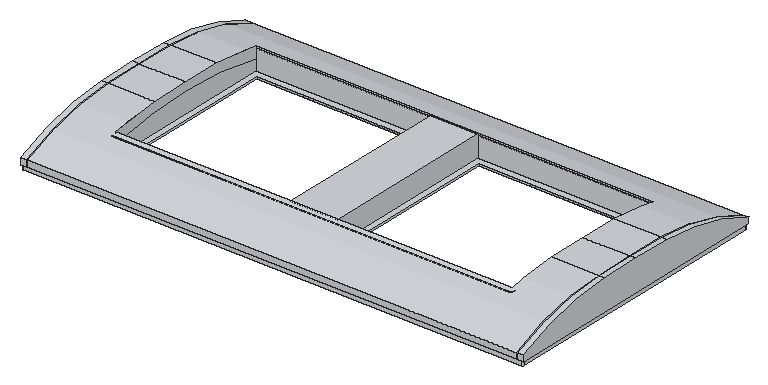
Revit family "Gira_021222", category Electrical Fixtures, host Face, Revit 2017
Family settings
  Host = Face
  Maintain Annotation Orientation = No
  Round Connector Dimension = Use Diameter
  Part Type = Normal
  Cut with Voids When Loaded = No
  Shared = No
  Room Calculation Point = No
Parameters (values of type "Cov.fr. 2-g Gira E2 p.white m")
  With mounting grid = "No"
  With hinged lid = "No"
  URL = "http://katalog.gira.de/en/datenblatt.html?artikelnr=021222"
  Type of fastening = "Clamp mounting"
  Transparent = "No"
  Surface protection = "Other"
  Surface finishing = "Matt"
  Suitable for wall duct = "No"
  Suitable for flush-mounted installation = "Yes"
  Suitable for floor box = "No"
  Suitable for built-in installation = "No"
  RAL-number (akin) = "9010"
  Number of units vertical = "2"
  Number of units horizontal = "2"
  Number of units = "2"
  Name = "Cov.fr. 2-g Gira E2 p.white m"
  Mounting direction = "Horizontal and vertical"
  Material quality = "Thermoplastic"
  Material = "Plastic"
  Manufacturer URL = "https://www.gira.de/"
  Manufacturer = "Gira"
  Label space/information surface = "No"
  Keynote = ""
  HeinzeBIM = "https://bimportal.heinze.de/bim/cov-fr-2-g-gira-e2-p-white-m/1e944317abd35ee8ced96a63e7b672c9d41a297f"
  Halogen free = "Yes"
  HAN = "021222"
  GTIN = "4010337212225"
  Description = "Cov.fr.2g E2 PWm,Gira E2 cover frame,pure white matt,2-gang,Features:,- Shatter-proof.,,Notes :,- Also suitable for duct installation.,- In connection with the seal kit, frame (1-gang to 5-gang) is also suitable for installation as water-protected flush-mounted IP44."
  Degree of protection (IP) = "IP20"
  Default Elevation = 1219.2 mm
  Data sheet (1) = "https://katalog.gira.de/en/download.html?artikelnr=021222"
  Colour = "White"
  Category = "Cover frame for domestic switching devices"
  BIM (1) = "https://media.stage.bim.site/public/gira/36a6b08/Event_Rahmen_2fach.rfa"
  Available = "No"
Reference planes
  plane 1 "Center (Front/Back)": y = 0
  plane 2: z = 0
  plane 3 "Center (Left/Right)": x = 0
Forms (mm)
  Extrusion 1, solid, detail levels fine
    sketch origin (0, 0, 0.05) x (0, 1, 0) y (0, 0, 1)
      loop
        arc (12.445, 9.683) -> (6.223, 9.833) -> (0, 9.85) r 291.636
        arc (0, 9.85) -> (-6.223, 9.833) -> (-12.445, 9.683) r 291.636
        arc (-12.445, 9.683) -> (-29.14, 7.482) -> (-45, 1.823) r 79.728
        line (-45, 1.823) -> (-45, -0.05) -> (-42.086, -0.05)
        arc (-42.086, -0.05) -> (-21.385, 5.559) -> (0, 7.206) r 114.424
        arc (0, 7.206) -> (21.385, 5.559) -> (42.086, -0.05) r 114.424
        line (42.086, -0.05) -> (45, -0.05) -> (45, 1.823)
        arc (45, 1.823) -> (29.14, 7.482) -> (12.445, 9.683) r 79.728
    from -78.55 to 78.55
  Extrusion 2, void, detail levels fine
    sketch origin (0, 0, 0) x (1, 0, 0) y (0, 1, 0)
      loop
        line (-63.55, -27.937) -> (63.55, -27.937) -> (63.55, 28.063) -> (-63.55, 28.063) -> (-63.55, -27.937)
    from 0.724 to 11
  Extrusion 3, solid, detail levels coarse
    sketch origin (0, 0, 0) x (1, 0, 0) y (0, 1, 0)
      loop
        line (-80.55, 45) -> (-80.55, -45) -> (80.55, -45) -> (80.55, 45) -> (-80.55, 45)
    from -1.5 to 9.9
  Extrusion 4, solid, detail levels medium
    sketch origin (0, 0, 0.05) x (0, 1, 0) y (0, 0, 1)
      loop
        arc (12.445, 9.683) -> (6.223, 9.833) -> (0, 9.85) r 291.636
        arc (0, 9.85) -> (-6.223, 9.833) -> (-12.445, 9.683) r 291.636
        arc (-12.445, 9.683) -> (-29.14, 7.482) -> (-45, 1.823) r 79.728
        line (-45, 1.823) -> (-45, -0.05) -> (45, -0.05) -> (45, 1.823)
        arc (45, 1.823) -> (29.14, 7.482) -> (12.445, 9.683) r 79.728
    from -80.55 to 80.55
  Extrusion 5, solid, detail levels fine
    sketch origin (-35.55, 0, -1.5) x (0, 1, 0) y (0, 0, -1)
      loop
        line (45, -3.373) -> (45, -1.5) -> (-45, -1.5) -> (-45, -3.373)
        arc (-45, -3.373) -> (-29.14, -9.032) -> (-12.445, -11.233) r 79.728
        arc (-12.445, -11.233) -> (-6.223, -11.383) -> (0, -11.4) r 291.636
        arc (0, -11.4) -> (6.223, -11.383) -> (12.445, -11.233) r 291.636
        arc (12.445, -11.233) -> (29.14, -9.032) -> (45, -3.373) r 79.728
    from 43 to 45
  Extrusion 6, solid, detail levels fine
    sketch origin (0, 0, 0) x (1, 0, 0) y (0, 1, 0)
      loop
        line (-61.45, 25.7) -> (-61.45, -25.7) -> (-9.65, -25.7) -> (-9.65, 25.7) -> (-61.45, 25.7)
      loop
        line (61.45, -25.7) -> (61.45, 25.7) -> (9.65, 25.7) -> (9.65, -25.7) -> (61.45, -25.7)
      loop
        line (-64.445, 28.49) -> (-64.445, -28.495)
        spline (-64.445, -28.495) -> (-64.436, -28.625) -> (-64.411, -28.754) -> (-64.369, -28.878) -> (-64.311, -28.995) -> (-64.238, -29.104) -> (-64.152, -29.202) -> (-64.054, -29.288) -> (-63.945, -29.361) -> (-63.828, -29.419) -> (-63.704, -29.461) -> (-63.575, -29.486) -> (-63.445, -29.495)
        line (-63.445, -29.495) -> (63.445, -29.495)
        spline (63.445, -29.495) -> (63.575, -29.486) -> (63.704, -29.461) -> (63.828, -29.419) -> (63.945, -29.361) -> (64.054, -29.288) -> (64.152, -29.202) -> (64.238, -29.104) -> (64.311, -28.995) -> (64.369, -28.878) -> (64.411, -28.754) -> (64.436, -28.625) -> (64.445, -28.495)
        line (64.445, -28.495) -> (64.445, 28.49)
        spline (64.445, 28.49) -> (64.436, 28.62) -> (64.411, 28.748) -> (64.369, 28.872) -> (64.311, 28.99) -> (64.238, 29.098) -> (64.152, 29.197) -> (64.054, 29.283) -> (63.945, 29.356) -> (63.828, 29.413) -> (63.704, 29.456) -> (63.575, 29.481) -> (63.445, 29.49)
        line (63.445, 29.49) -> (-63.445, 29.49)
        spline (-63.445, 29.49) -> (-63.575, 29.481) -> (-63.704, 29.456) -> (-63.828, 29.413) -> (-63.945, 29.356) -> (-64.054, 29.283) -> (-64.152, 29.197) -> (-64.238, 29.098) -> (-64.311, 28.99) -> (-64.369, 28.872) -> (-64.411, 28.748) -> (-64.436, 28.62) -> (-64.445, 28.49)
    from 0.1 to 7.3
  Extrusion 7, solid
    sketch origin (0, 0, 0) x (1, 0, 0) y (0, 1, 0)
      loop
        arc (-80.25, -44.2) -> (-80.104, -44.554) -> (-79.75, -44.7) r 0.5
        line (-79.75, -44.7) -> (79.75, -44.7)
        arc (79.75, -44.7) -> (80.104, -44.554) -> (80.25, -44.2) r 0.5
        line (80.25, -44.2) -> (80.25, 44.2)
        arc (80.25, 44.2) -> (80.104, 44.554) -> (79.75, 44.7) r 0.5
        line (79.75, 44.7) -> (-79.75, 44.7)
        arc (-79.75, 44.7) -> (-80.104, 44.554) -> (-80.25, 44.2) r 0.5
        line (-80.25, 44.2) -> (-80.25, -44.2)
      loop
        line (-78.55, 43) -> (-78.55, -43) -> (78.55, -43) -> (78.55, 43) -> (-78.55, 43)
    from -1.5 to 0.5
  Extrusion 8, solid, detail levels fine
    sketch origin (35.55, 0, -1.5) x (0, 1, 0) y (0, 0, 1)
      loop
        arc (45, 3.373) -> (29.14, 9.032) -> (12.445, 11.233) r 79.728
        arc (12.445, 11.233) -> (6.223, 11.383) -> (0, 11.4) r 291.636
        arc (0, 11.4) -> (-6.223, 11.383) -> (-12.445, 11.233) r 291.636
        arc (-12.445, 11.233) -> (-29.14, 9.032) -> (-45, 3.373) r 79.728
        line (-45, 3.373) -> (-45, 1.5) -> (45, 1.5) -> (45, 3.373)
    from 43 to 45
  Extrusion 9, solid, detail levels medium
    sketch origin (0, 0, 0) x (1, 0, 0) y (0, 1, 0)
      loop
        line (-80.25, -44.7) -> (80.25, -44.7) -> (80.25, 44.7) -> (-80.25, 44.7) -> (-80.25, -44.7)
    from -1.5 to 0.5
  Extrusion 10, solid, detail levels fine
    sketch origin (0, 0, 0) x (1, 0, 0) y (0, 1, 0)
      loop
        line (-7.55, 28.063) -> (-7.55, -27.937) -> (7.55, -27.937) -> (7.55, 28.063) -> (-7.55, 28.063)
    from 0.724 to 7.566
Cuts and joins
  Extrusion 2 cuts Extrusion 1
  Extrusion 2 cuts Extrusion 6
Dimensions and locks
  aligned and locked: plane 2 to host face
  aligned and locked: level to host face
